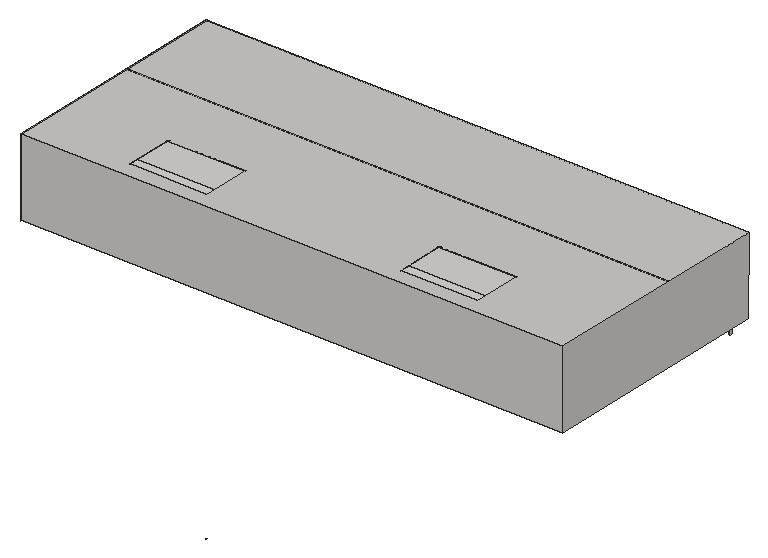
Revit family "QF_ELECTROLUXPROFESSIONAL_643324_DK1228", category Attrezzature speciali, Revit 2021
Family settings
  Quota connettore circolare = Usa diametro
  Tipo di parte = Normale
  Basato su piano di lavoro = No
  Sempre verticale = Sì
  Taglio con vuoti quando caricato = No
  Condiviso = No
  Punto di calcolo locali = No
Parameters (values of type "Standard")
  Weight = 72.00 kg
  Watts = 0 W
  Volts = 0 V
  URL Manufacturer = "https://www.electroluxprofessional.com/"
  URL = "https://www.electroluxprofessional.com/"
  Steam Supply Size = 0 mm
  Steam Supply Minimum Pressure = 0.0 Pa
  Steam Supply Maximum Pressure = 0.0 Pa
  Steam Consumption per Hour = 0
  Refrigeration Suction Line Size = 0 mm
  Refrigeration Liquid Line Size = 0 mm
  Refrigerant Compressor Remote = yes
  Prospetto di default = 0 mm
  Produttore = "Electrolux Professional"
  Phase = 0
  Modello = "DK1228"
  Length Actual = 2800 mm  # constant formula
  Item Number = "643324"
  Hot Water Size = 0 mm
  Height Actual = 400 mm  # constant formula
  HP = "0 HP"
  Gas Size = 0 mm
  Gas KW = 0
  Gas Input Pressure = 0 W
  Direct Waste Size = 0 mm
  Descrizione = "304 AISI S/S WALL HOOD FOR DW 280X120"
  Depth Actual = 1200 mm  # constant formula
  Cycle = 0 Hz
  Condensate Return Size = 0 mm
  Compressed Air Volume = 0.0 L/s
  Compressed Air Size = 0 mm
  Compressed Air Pressure = 0.0 Pa
  Cold Water Size = 0 mm
  Accessory = yes
Reference planes
  plane 1: z = 0
  plane 2 "Center (Left/Right)": x = 150
  plane 3 "LEFT": x = -1250
  plane 4 "RIGHT": x = 1550
  plane 5 "BACK": y = 550
  plane 6 "TOP": z = 2400
  plane 7 "Base": z = 2000
  plane 8: z = 1970
  plane 9 "DrainY": y = 450
  plane 10: x = -1247
  plane 11: y = -320
  plane 12: y = -570
  plane 13 "DrainX": x = 1537
  plane 14 "AOLeft2": x = -350
  plane 15 "AORight1": x = 650
  plane 16: x = 1547
  plane 17: x = -1050
  plane 18: x = 1350
  plane 19 "Center (Front/Back)": y = -50
  plane 20 "Front": y = -650
  plane 21: x = 50
  plane 22: x = 250
  plane 23 "AOLeft1": x = -750
  plane 24 "AORight2": x = 1050
Forms (mm)
  Extrusion 1, solid, material "QF_Finishes_Stainless Steel"
    sketch origin (-1250, 0, 360) x (0, 1, 0) y (0, 0, 1)
      loop
        line (550, 1640) -> (550, 2040) -> (-650, 2040) -> (-650, 1640) -> (550, 1640)
    from 0 to 3
  Extrusion 2, solid, material "QF_Finishes_Stainless Steel"
    sketch origin (1550, 0, 360) x (0, 1, 0) y (0, 0, 1)
      loop
        line (550, 1640) -> (550, 2040) -> (-650, 2040) -> (-650, 1640) -> (550, 1640)
    from 0 to -3
  Extrusion 3, solid, material "QF_Finishes_Stainless Steel"
    sketch origin (150, 0, 360) x (0, 1, 0) y (0, 0, 1)
      loop
        line (-650, 2040) -> (-650, 1640) -> (-640, 1640) -> (-640, 1640.8) -> (-649.2, 1640.8) -> (-649.2, 2039.19) -> (549.2, 2039.19) -> (549.2, 1640.8) -> (540, 1640.8) -> (540, 1640) -> (550, 1640) -> (550, 2040) -> (-650, 2040)
    from -1400 to 1400
  Extrusion 4, solid, material "QF_Finishes_Stainless Steel"
    sketch origin (0, 0, 2000) x (0, 1, 0) y (-1, 0, 0)
      loop
        circle (450, -1537) r 4.763
    from -30 to 0
  Extrusion 5, void
    sketch origin (0, 0, 2400) x (0, 1, 0) y (-1, 0, 0)
      loop
        line (-320, 350) -> (-320, 750) -> (-570, 750) -> (-570, 350) -> (-320, 350)
    from 0 to -10
  Extrusion 6, solid, material "QF_Finishes_Stainless Steel"
    sketch origin (0, 0, 0) x (1, 0, 0) y (0, 1, 0)
      loop
        line (-1250, 550) -> (-1250, 549) -> (-1249, 549) -> (-1249, 550) -> (-1250, 550)
    from 0 to 1
  Sweep 7, solid, material "QF_Finishes_Stainless Steel"
    path origin (0, 0, 0) x (1, 0, 0) y (0, 1, 0)
      loop
        line (1550, 550) -> (-1250, 550) -> (-1250, -650) -> (1550, -650) -> (1550, 550)
    profile origin (1550, -50, 0) x (1, 0, 0) y (0, 0, 1)
      loop
        line (-3, 2000) -> (-3, 2000.8) -> (-19, 2000.8) -> (-19, 2010) -> (-20, 2010) -> (-20, 2000) -> (-3, 2000)
  Extrusion 8, solid, material "QF_Finishes_Stainless Steel"
    sketch origin (150, 0, 0) x (0, 1, 0) y (0, 0, 1)
      loop
        line (35, 2399.19) -> (34.2, 2399.19) -> (34.2, 2329.838) -> (-320.309, 2254.485) -> (-614.003, 2066.672) -> (-614.003, 2000.8) -> (-613.203, 2000.8) -> (-613.203, 2066.234) -> (-320, 2253.732) -> (35, 2329.19) -> (35, 2399.19)
    from -1397 to 1397
  Extrusion 9, void
    sketch origin (1134.605, 0, 2400) x (0, 1, 0) y (-1, 0, 0)
      loop
        line (-320, 84.605) -> (-320, 484.605) -> (-570, 484.605) -> (-570, 84.605) -> (-320, 84.605)
    from 0 to -10
Cuts and joins
  Extrusion 5, Extrusion 9 cuts Extrusion 3
  joined: Extrusion 2, Extrusion 3, Sweep 7
Lines and regions (mm)
  symbolic lines, style "SpecialityEquipment", detail levels coarse
    curve 1: line (1550, 550, 2400) -> (-1250, 550, 2400)
    curve 2: line (-1250, 550, 2400) -> (-1250, -650, 2400)
    curve 3: line (1550, -650, 2400) -> (1550, 550, 2400)
    curve 4: line (-1250, 550, 0) -> (1550, -650, 0)
    curve 5: line (1550, 550, 0) -> (-1250, -650, 0)
    curve 6: line (-1250, -650, 0) -> (1550, -650, 0)
    curve 7: line (-350, -320, 0) -> (-750, -320, 0)
    curve 8: line (-350, -570, 0) -> (-350, -320, 0)
    curve 9: line (-750, -570, 0) -> (-350, -570, 0)
    curve 10: line (-750, -320, 0) -> (-750, -570, 0)
    curve 11: line (650, -320, 0) -> (650, -570, 0)
    curve 12: line (1050, -320, 0) -> (650, -320, 0)
    curve 13: line (1050, -570, 0) -> (1050, -320, 0)
    curve 14: line (650, -570, 0) -> (1050, -570, 0)
Dimensions and locks
  plane 3 "LEFT" to plane 4 "RIGHT" = 2800 mm
  equal spacing: plane 3 "LEFT", plane 2 "Center (Left/Right)", plane 4 "RIGHT"
  plane 7 "Base" to plane 8 = 30 mm
  plane 5 "BACK" to plane 9 "DrainY" = 100 mm  (x2)
  plane 3 "LEFT" to plane 10 = 3 mm
  plane 13 "DrainX" to plane 4 "RIGHT" = 13 mm
  plane 16 to plane 4 "RIGHT" = 3 mm
  plane 3 "LEFT" to plane 17 = 200 mm
  plane 18 to plane 4 "RIGHT" = 200 mm
  locked: plane 14 "AOLeft2" to plane 15 "AORight1" at 1000
  equal spacing: plane 14 "AOLeft2", plane 2 "Center (Left/Right)", plane 15 "AORight1"
  locked: plane 7 "Base" to level at 2000
  locked: plane 6 "TOP" to plane 7 "Base" at 400
  plane 5 "BACK" to plane 20 "Front" = 1200 mm  (x2)
  equal spacing: plane 5 "BACK", plane 19 "Center (Front/Back)", plane 20 "Front"
  locked: plane 21 to plane 22 at 200
  equal spacing: plane 21, plane 2 "Center (Left/Right)", plane 22
  plane 12 to plane 20 "Front" = 80 mm
  locked: plane 11 to plane 12 at 250
  locked: plane 23 "AOLeft1" to plane 14 "AOLeft2" at 400
  locked: plane 15 "AORight1" to plane 24 "AORight2" at 400
  aligned and locked: level to plane 1
  aligned and locked: plane 4 "RIGHT" to Extrusion 3
  aligned and locked: Extrusion 3 to plane 3 "LEFT"
  aligned and locked: Extrusion 5 to plane 12
  aligned and locked: Extrusion 5 to plane 11
  aligned and locked: Extrusion 2 to plane 16
  aligned and locked: Extrusion 8 to plane 10
  aligned and locked: plane 16 to Extrusion 8
  aligned and locked: Extrusion 5 to plane 23 "AOLeft1"
  aligned and locked: Extrusion 5 to plane 14 "AOLeft2"
  aligned and locked: plane 24 "AORight2" to Extrusion 9
  aligned and locked: plane 15 "AORight1" to Extrusion 9
Automatic sketch dimensions
  Extrusion 1 sketch curve to plane 7 "Base" = 0 mm
  Extrusion 1 sketch curve to plane 20 "Front" = 0 mm
  Extrusion 1 sketch curve to plane 5 "BACK" = 0 mm
  Extrusion 1 sketch curve to plane 6 "TOP" = 0 mm
  Extrusion 2 sketch curve to plane 7 "Base" = 0 mm
  Extrusion 2 sketch curve to plane 20 "Front" = 0 mm
  Extrusion 2 sketch curve to plane 5 "BACK" = 0 mm
  Extrusion 2 sketch curve to plane 6 "TOP" = 0 mm
  Extrusion 3 sketch curve to plane 6 "TOP" = 0 mm
  Extrusion 3 sketch curve to plane 20 "Front" = 0 mm
  Extrusion 3 sketch curve to plane 7 "Base" = 0 mm  (x2)
  Extrusion 3 sketch curve to plane 5 "BACK" = 0 mm
  plane 20 "Front" to Extrusion 3 sketch curve = 0.8 mm
  Extrusion 3 sketch curve to Extrusion 3 sketch curve = 9.2 mm
  plane 7 "Base" to Extrusion 3 sketch curve = 0.8 mm  (x2)
  Extrusion 3 sketch curve to plane 5 "BACK" = 10 mm
  Extrusion 3 sketch curve to plane 5 "BACK" = 0.8 mm
  Extrusion 3 sketch curve to plane 6 "TOP" = 0.81 mm
  Extrusion 4 sketch curve to plane 9 "DrainY" = 0 mm
  Extrusion 4 sketch curve to plane 13 "DrainX" = 0 mm
  Extrusion 5 sketch curve to plane 12 = 0 mm
  plane 11 to Extrusion 5 sketch curve = 0 mm
  Extrusion 5 sketch curve to plane 14 "AOLeft2" = 0 mm
  Extrusion 5 sketch curve to plane 23 "AOLeft1" = 0 mm
  Extrusion 6 sketch curve to plane 3 "LEFT" = 0 mm
  Extrusion 6 sketch curve to plane 5 "BACK" = 0 mm
  plane 3 "LEFT" to Extrusion 6 sketch curve = 1 mm
  Extrusion 6 sketch curve to Extrusion 6 sketch curve = 1 mm
  Sweep 7 sketch curve to plane 3 "LEFT" = 0 mm
  Sweep 7 sketch curve to plane 4 "RIGHT" = 0 mm
  Sweep 7 sketch curve to plane 20 "Front" = 0 mm
  Sweep 7 sketch curve to plane 5 "BACK" = 0 mm
  profile plane to Sweep 7 sketch curve = 20 mm
  Sweep 7 sketch curve to Sweep 7 sketch curve = 1 mm
  profile plane to Sweep 7 sketch curve = 3 mm
  level to Sweep 7 sketch curve = 2000 mm
  Sweep 7 sketch curve to Sweep 7 sketch curve = 0.8 mm
  Sweep 7 sketch curve to Sweep 7 sketch curve = 9.2 mm
  Extrusion 9 sketch curve to plane 12 = 0 mm
  plane 11 to Extrusion 9 sketch curve = 0 mm
  Extrusion 9 sketch curve to plane 15 "AORight1" = 400 mm
  plane 22 to Extrusion 9 sketch curve = 400 mm
  curve 5 to plane 3 "LEFT" = 0 mm
  curve 4 to plane 3 "LEFT" = 0 mm
  curve 6 to plane 20 "Front" = 0 mm
  curve 5 to plane 4 "RIGHT" = 0 mm
  curve 6 to plane 4 "RIGHT" = 0 mm
  curve 5 to plane 5 "BACK" = 0 mm
  curve 4 to plane 5 "BACK" = 0 mm
  curve 2 to plane 3 "LEFT" = 0 mm
  curve 2 to plane 20 "Front" = 0 mm
  curve 3 to plane 4 "RIGHT" = 0 mm
  curve 3 to plane 20 "Front" = 0 mm
  curve 2 to plane 5 "BACK" = 0 mm
  plane 11 to curve 7 = 0 mm
  curve 7 to plane 23 "AOLeft1" = 0 mm
  curve 8 to plane 12 = 0 mm
  curve 8 to plane 14 "AOLeft2" = 0 mm
  plane 11 to curve 11 = 0 mm
  curve 11 to plane 15 "AORight1" = 0 mm
  curve 12 to plane 24 "AORight2" = 0 mm
  curve 13 to plane 12 = 0 mm
  Extrusion 8 sketch curve to plane 11 = 0 mm
  plane 11 to Extrusion 8 sketch curve = 0.309 mm
  plane 7 "Base" to Extrusion 8 sketch curve = 0.8 mm
  plane 20 "Front" to Extrusion 8 sketch curve = 36.797 mm
  Extrusion 8 sketch curve to Extrusion 8 sketch curve = 0.8 mm  (x2)
  plane 19 "Center (Front/Back)" to Extrusion 8 sketch curve = 84.2 mm
  Extrusion 8 sketch curve to Extrusion 8 sketch curve = 65.434 mm
  Extrusion 8 sketch curve to plane 6 "TOP" = 146.268 mm
  Extrusion 8 sketch curve to Extrusion 8 sketch curve = 0.752 mm
  Extrusion 8 sketch curve to plane 6 "TOP" = 70.81 mm
  Extrusion 8 sketch curve to Extrusion 8 sketch curve = 0.648 mm
  Extrusion 8 sketch curve to Extrusion 8 sketch curve = 0.438 mm
  Extrusion 8 sketch curve to plane 6 "TOP" = 0.81 mm
  radius of Extrusion 4 sketch curve = 4.763 mm
Connectors
  piping at (1537, 450, 1970), diameter 9.5
    settings: on Extrusion 4, index 1, connector inside diameter 609.6 mm, connector length 0 mm, flow factor 0, pipe flow 0.0 L/s, pressure drop 0.0 Pa, fitting loss kfactor 0, connector angle 0.00°, fixture units 0, engagement length 0 mm, angle of deflection 0.00°, flow configuration 1, flow direction 2, fitting loss method 0, system type 16, joint type 0, gender type 0, connector reference index -1, connector utility 0, adjustable connector no, is connector primary yes, connector description "Drain"
  hvac at (-550, -445, 2400)
    settings: on Extrusion 5, index 2, duct flow 0.0 L/s, flow factor 0, pres drop 0.0 Pa, loss coef 0, conn angle 0.00°, conn width 250 mm, conn height 400 mm, conn diameter 609.6 mm, duct sys type 3, conn prof type 1, flow config 1, flow direction 2, loss method 0, conn ref index -1, conn util no, is conn primary yes, conn desc "EXHAUST OUTLET"
  hvac at (850, -445, 2400)
    settings: on Extrusion 9, index 3, duct flow 0.0 L/s, flow factor 0, pres drop 0.0 Pa, loss coef 0, conn angle 0.00°, conn width 250 mm, conn height 400 mm, conn diameter 609.6 mm, duct sys type 3, conn prof type 1, flow config 1, flow direction 2, loss method 0, conn ref index -1, conn util no, is conn primary no, conn desc "EXHAUST OUTLET"
